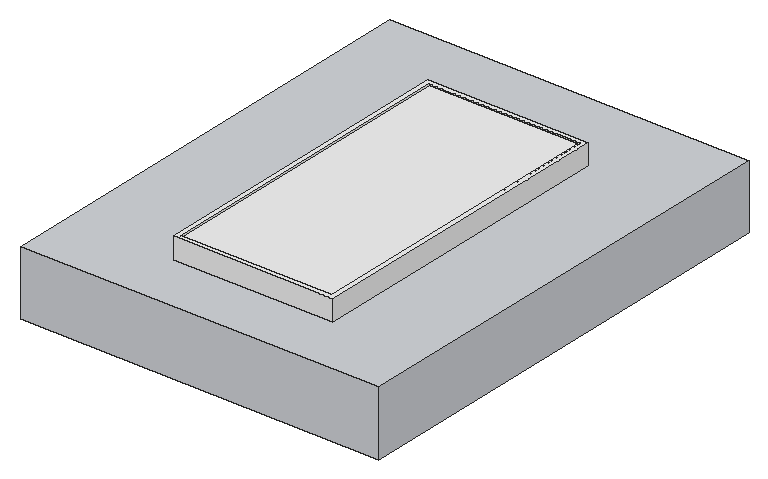
Revit family "3396492800c745f48d573e42c721c62f", category Equipos especializados, Revit 2026
Family settings
  Anfitrión = Cara
  Cota de conector redondo = Usar diámetro
  Tipo de pieza = Normal
  ID de elemento Seek = Solar Panel-0000-CAN-ENU
  Activar corte en vistas = No
  Corte con vacíos al cargar = No
  Mantener orientación de anotación = No
  Compartido = No
  Punto de cálculo de habitación = No
Parameters (values of type "750 x 1500mm")
  Anchura = 750 mm
  Longitud = 1500 mm
  Profundidad = 100 mm
  Elevación por defecto = 1200 mm
Reference planes
  plane 1 "Centro (Frontal/Posterior)": y = 0
  plane 2: z = 0
  plane 3 "Centro (Izquierda/Derecha)": x = 32.32
  plane 4: x = 782.32
  plane 5: y = 1500
  plane 6 "Cara superior de panel": z = 100
  plane 7 "Cara posterior de panel": z = 93.65
  plane 8: x = 763.27
  plane 9: y = 19.05
Forms (mm)
  Extrusion 1, solid
    sketch origin (0, 0, 0) x (1, 0, 0) y (0, 1, 0)
      loop
        line (-469.33, 1900.05) -> (-469.33, -273.771) -> (1219.2, -273.771) -> (1219.2, 1900.05) -> (-469.33, 1900.05)
    from 0 to -304.8
  Extrusion 2, solid, material "Cubrejuntas de metal"
    sketch origin (0, 0, 0) x (1, 0, 0) y (0, 1, 0)
      loop
        line (32.32, 0) -> (782.32, 0) -> (782.32, 1500) -> (32.32, 1500) -> (32.32, 0)
    from 0 to 100
  Extrusion 3, void
    sketch origin (6.35, -6.35, 0) x (1, 0, 0) y (0, 1, 0)
      loop
        line (45.02, 1487.3) -> (45.02, 25.4) -> (756.92, 25.4) -> (756.92, 1487.3) -> (45.02, 1487.3)
    from 0 to 100
  Extrusion 4, solid, material "Metal - Aluminio (2)"
    sketch origin (0, 0, 0) x (1, 0, 0) y (0, 1, 0)
      loop
        line (51.37, 1480.95) -> (51.37, 19.05) -> (763.27, 19.05) -> (763.27, 1480.95) -> (51.37, 1480.95)
    from 0 to 93.65
Cuts and joins
  Extrusion 3 cuts Extrusion 2
Dimensions and locks
  "Anchura": plane 3 "Centro (Izquierda/Derecha)" to plane 4
  "Longitud": plane 5 to plane 1 "Centro (Frontal/Posterior)"
  plane 5 to cut or joined group of Extrusion 2, Extrusion 3 = 19.05 mm
  plane 1 "Centro (Frontal/Posterior)" to cut or joined group of Extrusion 2, Extrusion 3 = 19.05 mm
  cut or joined group of Extrusion 2, Extrusion 3 to plane 4 = 19.05 mm
  plane 3 "Centro (Izquierda/Derecha)" to cut or joined group of Extrusion 2, Extrusion 3 = 19.05 mm
  "Profundidad": plane 6 "Cara superior de panel" to Extrusion 1
  locked: plane 6 "Cara superior de panel" to plane 7 "Cara posterior de panel" at 6.35
  aligned and locked: plane 2 to Extrusion 1
  aligned and locked: level to Extrusion 1
  aligned and locked: cut or joined group of Extrusion 2, Extrusion 3 to Extrusion 4  (x2)
  aligned and locked: Extrusion 4 to cut or joined group of Extrusion 2, Extrusion 3  (x2)
  aligned and locked: plane 6 "Cara superior de panel" to cut or joined group of Extrusion 2, Extrusion 3  (x2)
  aligned and locked: plane 7 "Cara posterior de panel" to Extrusion 4
Automatic sketch dimensions
  Extrusion 2 sketch curve to plane 3 "Centro (Izquierda/Derecha)" = 0 mm
  Extrusion 2 sketch curve to plane 4 = 0 mm
  Extrusion 2 sketch curve to plane 1 "Centro (Frontal/Posterior)" = 0 mm
  Extrusion 2 sketch curve to plane 5 = 0 mm
  plane 3 "Centro (Izquierda/Derecha)" to Extrusion 3 sketch curve = 19.05 mm
  Extrusion 3 sketch curve to plane 1 "Centro (Frontal/Posterior)" = 19.05 mm
  Extrusion 3 sketch curve to plane 5 = 19.05 mm
  plane 4 to Extrusion 3 sketch curve = 19.05 mm
  plane 4 to Extrusion 4 sketch curve = 19.05 mm
  plane 3 "Centro (Izquierda/Derecha)" to Extrusion 4 sketch curve = 19.05 mm
  Extrusion 4 sketch curve to plane 5 = 19.05 mm
  Extrusion 4 sketch curve to plane 1 "Centro (Frontal/Posterior)" = 19.05 mm
  Extrusion 1 sketch curve to Extrusion 1 sketch curve = 1688.53 mm
  Extrusion 1 sketch curve to Extrusion 1 sketch curve = 2173.821 mm
